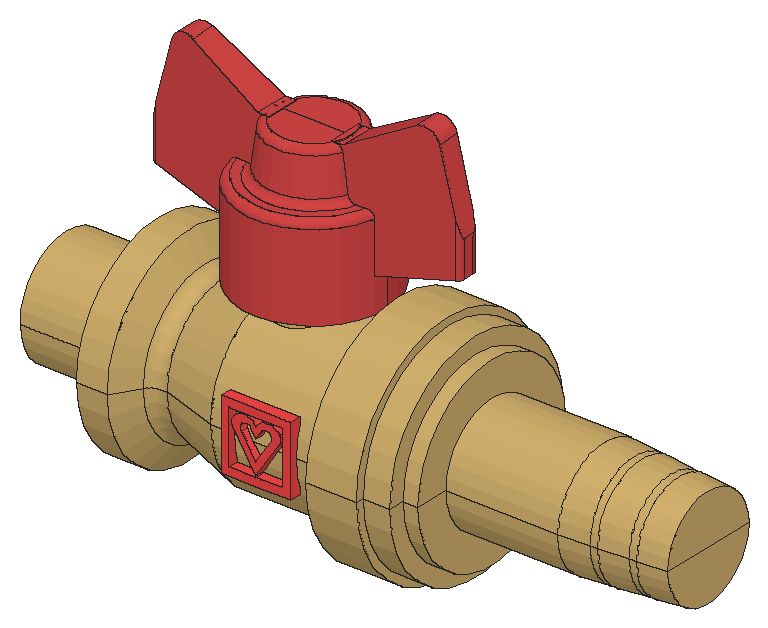
Revit family "Boiler filling and draining valve with hose grommet 2512 01 (02)", category Rohrzubehör, Revit 2019
Family settings
  Bemaßung runder Anschluss = Durchmesser verwenden
  Teiletyp = Normal
  OmniClass-Nummer = 23.65.55.14
  OmniClass-Titel = Valves for Liquid Services
  Arbeitsebenenbasiert = Nein
  Immer vertikal = Ja
  Beim Laden mit Abzugskörper schneiden = Nein
  Gemeinsam genutzt = Nein
Parameters
  min. Operating temperature = -30 °C  # constant formula
  max. Operating temperature = 110 °C  # constant formula
  max. Operating pressure = 1000000.0 Pa  # constant formula
  W1 = 60.00°  # constant formula
  URL = "www.herzvalves.com"
  Spindle = "brass CW614N"  # constant formula
  SCTWSEQ = "ENT;AO;1"
  SCTWCODE = "01;10;01"  # constant formula
  SCRNSEQ = "ARM;ARM_TYP=\"ABSV\";1"
  SCRNCODE = "05;08;01"  # constant formula
  S04 = 6.500 mm  # constant formula
  S03 [instance] = (L06 / 2) + L07 + L08 + L09 + L100  # 36.750 mm
  S02 [instance] = L05 + (L06 / 2)  # 14.250 mm
  S01 [instance] = L00 - (L08 + L09 + L100)  # 53.000 mm
  R99 = 2.000 mm  # constant formula
  R01 [instance] = if(Nennweite = 15.000 mm, 5.500 mm, if(Nennweite = 20.000 mm, 6.000 mm, 1.000 mm))  # 5.500 mm
  Part number [instance] = if(Nennweite = 15.000 mm, 1251201, if(Nennweite = 20.000 mm, 1251202, 0))  # 1251201
  Nennweite [instance] = 15.000 mm
  Medium = "heating water according ÖNORM H5195 or VDI-Standard 2035.\r\nthe use of ethylene, or propylene glycol in a mixing ratio 25-50% is allowed."
  LO1 = 2.500 mm  # constant formula
  L12 = 3.800 mm  # constant formula
  L11 = 8.600 mm  # constant formula
  L100 = 14.600 mm  # constant formula
  L10 = 1.000 mm  # constant formula
  L09 = 13.400 mm  # constant formula
  L08 = 2.000 mm  # constant formula
  L07 = 3.500 mm  # constant formula
  L06 = 6.500 mm  # constant formula
  L05 [instance] = if(Nennweite = 15.000 mm, 11.000 mm, if(Nennweite = 20.000 mm, 14.400 mm, 1.000 mm))  # 11.000 mm
  L04 = 4.000 mm  # constant formula
  L03 [instance] = if(Nennweite = 15.000 mm, 4.000 mm, if(Nennweite = 20.000 mm, 6.000 mm, 1.000 mm))  # 4.000 mm
  L02 [instance] = if(Nennweite = 15.000 mm, 12.000 mm, if(Nennweite = 20.000 mm, 15.000 mm, 1.000 mm))  # 12.000 mm
  L01 [instance] = if(Nennweite = 15.000 mm, 32.000 mm, if(Nennweite = 20.000 mm, 37.600 mm, 1.000 mm))  # 32.000 mm
  L00 [instance] = if(Nennweite = 15.000 mm, 83.000 mm, if(Nennweite = 20.000 mm, 92.000 mm, 1.000 mm))  # 83.000 mm
  Ball = "forged brass CW617N, full bore, surface chrome plated"  # constant formula
  Handle = "aluminium red painted"  # constant formula
  Hersteller = "Herz-Armaturen GmbH"  # constant formula
  H01 [instance] = if(Nennweite = 15.000 mm, 17.000 mm, if(Nennweite = 20.000 mm, 21.000 mm, 1.000 mm))  # 17.000 mm
  H00 [instance] = if(Nennweite = 15.000 mm, 37.000 mm, if(Nennweite = 20.000 mm, 40.000 mm, 1.000 mm))  # 37.000 mm
  Body = "forged brass CW617N"  # constant formula
  G01 [instance] = Nennweite / 2  # 7.500 mm
  Sealings = "ball: PTFE; spindle: PTFE"  # constant formula
  D07 = 6.500 mm  # constant formula
  D06 = 7.500 mm  # constant formula
  D05 = 11.900 mm  # constant formula
  D04 = 14.000 mm  # constant formula
  D03 = 15.000 mm  # constant formula
  D02 [instance] = if(Nennweite = 15.000 mm, 11.700 mm, if(Nennweite = 20.000 mm, 13.900 mm, 1.000 mm))  # 11.700 mm
  D01 [instance] = if(Nennweite = 15.000 mm, 13.400 mm, if(Nennweite = 20.000 mm, 16.500 mm, 1.000 mm))  # 13.400 mm
  Application = "the drain valves are installed as valves to fill and drain systems.\r\nfields of application are building services, such as in heating or chilled water plant in buildings.\r\naromatic chlorinated hydrocarbons such as natural gas or petroleum occurring in, destroy the EPDM seals."
Reference planes
  plane 1 "Mitte (Vorne/hinten)": y = 0
  plane 2: z = 0
  plane 3 "Mitte (Links/rechts)": x = 0
Forms (mm)
  Revolve 1, solid, material "Messing", detail levels fine
    sketch origin (0, 0, 0) x (1, 0, 0) y (0, 1, 0)
      loop
        line (51, 0) -> (51, 6.5) -> (47.2, 6.832) -> (46.2, 6.832) -> (42.4, 7.165) -> (41.4, 7.168) -> (37.6, 7.5) -> (23, 7.5) -> (23, 11.9) -> (21, 11.9) -> (21, 14) -> (17.5, 14) -> (17.5, 15) -> (11, 15) -> (11, 11.7) -> (-4, 11.7) -> (-11.723, 9.187)
        arc (-11.723, 9.187) -> (-13.067, 9.216) -> (-14.089, 10.091) r 2
        line (-14.089, 10.091) -> (-16, 13.4) -> (-20, 13.4) -> (-20, 7.5) -> (-32, 7.5) -> (-32, 0) -> (51, 0)
      axis (51, 0) -> (-32, 0)
    angle from 0 to 360
  Revolve 2, solid, material "Messing", detail levels fine
    sketch origin (0, 0, 0) x (1, 0, 0) y (0, 0, 1)
      loop
        line (0, 0) -> (0, 17) -> (-5.5, 17) -> (-5.5, 0) -> (0, 0)
      axis (0, 17) -> (0, 0)
    angle from 0 to 360
Lines and regions (mm)
  model lines, detail levels coarse+medium
    curve 1: line (-32, 0, 0) -> (21, 0, 0)
    curve 2: line (14.25, 0, 15) -> (14.25, 0, -15)
    curve 3: line (21, 0, 0) -> (51, 0, -6.5)
    curve 4: line (14.25, 15, 0) -> (14.25, -15, 0)
    curve 5: line (21, 0, 0) -> (51, -6.5, 0)
Dimensions and locks
  "L00": Revolve 1 sketch curve to Revolve 1 sketch curve
  "L01": Revolve 1 sketch curve to plane 3 "Mitte (Links/rechts)"
  "L02": Revolve 1 sketch curve to Revolve 1 sketch curve
  "L03": Revolve 1 sketch curve to Revolve 1 sketch curve
  "L04": Revolve 1 sketch curve to plane 3 "Mitte (Links/rechts)"
  "L05": plane 3 "Mitte (Links/rechts)" to Revolve 1 sketch curve
  "L06": Revolve 1 sketch curve to Revolve 1 sketch curve
  "L07": Revolve 1 sketch curve to Revolve 1 sketch curve
  "L08": Revolve 1 sketch curve to Revolve 1 sketch curve
  "L12": Revolve 1 sketch curve to Revolve 1 sketch curve
  "L10": Revolve 1 sketch curve to Revolve 1 sketch curve  (x2)
  "L11": Revolve 1 sketch curve to Revolve 1 sketch curve
  "L09": Revolve 1 sketch curve to Revolve 1 sketch curve
  "L100": Revolve 1 sketch curve to Revolve 1 sketch curve
  "H01": Revolve 2 sketch curve to plane 2
  "R01": plane 3 "Mitte (Links/rechts)" to Revolve 2 sketch curve
  "H00": nested 1 to plane 2
  "S01": curve 1 to curve 1
  "L01": plane 3 "Mitte (Links/rechts)" to curve 1
  "S02": plane 3 "Mitte (Links/rechts)" to curve 2
  "S03": curve 2 to curve 3
  "S04": plane 2 to curve 3
  "S02": plane 3 "Mitte (Links/rechts)" to curve 4
  "S03": curve 4 to curve 5
  "S04": curve 5 to plane 1 "Mitte (Vorne/hinten)"
  "G01": plane 1 "Mitte (Vorne/hinten)" to Revolve 1 sketch curve
  "D01": plane 1 "Mitte (Vorne/hinten)" to Revolve 1 sketch curve
  "D02": Revolve 1 sketch curve to plane 1 "Mitte (Vorne/hinten)"
  "D03": plane 1 "Mitte (Vorne/hinten)" to Revolve 1 sketch curve
  "D04": plane 1 "Mitte (Vorne/hinten)" to Revolve 1 sketch curve
  "D05": plane 1 "Mitte (Vorne/hinten)" to Revolve 1 sketch curve
  "D06": plane 1 "Mitte (Vorne/hinten)" to Revolve 1 sketch curve
  "D07": plane 1 "Mitte (Vorne/hinten)" to Revolve 1 sketch curve
  "D02": nested 2 to plane 1 "Mitte (Vorne/hinten)"
  "LO1": plane 3 "Mitte (Links/rechts)" to nested 2
  "R99": radius of Revolve 1 sketch curve
  angle Revolve 1 sketch curve to Revolve 1 sketch curve = 95.00°  (x3)
  "W1": angle Revolve 1 sketch curve to Revolve 1 sketch curve
  aligned and locked: level to plane 2
Automatic sketch dimensions
  Revolve 2 sketch curve to level = 0.000 mm
  Revolve 2 sketch curve to plane 3 "Mitte (Links/rechts)" = 0.000 mm  (x2)
  Revolve 2 sketch curve to level = 366.045 mm
  Revolve 2 sketch curve to Revolve 2 sketch curve = 2197.315 mm
  curve 1 to level = 0.000 mm
  curve 2 to level = 15.000 mm
  level to curve 2 = 15.000 mm
  plane 1 "Mitte (Vorne/hinten)" to curve 5 = 0.000 mm
  curve 4 to curve 5 = 6.750 mm
  plane 1 "Mitte (Vorne/hinten)" to curve 4 = 15.000 mm
  curve 4 to plane 1 "Mitte (Vorne/hinten)" = 15.000 mm
  Revolve 1 sketch curve to plane 1 "Mitte (Vorne/hinten)" = 0.000 mm
  plane 1 "Mitte (Vorne/hinten)" to Revolve 1 sketch curve = 0.000 mm
  Revolve 1 sketch curve to plane 1 "Mitte (Vorne/hinten)" = 10.091 mm
  Revolve 1 sketch curve to Revolve 1 sketch curve = 1.736 mm
  Revolve 1 sketch curve to plane 1 "Mitte (Vorne/hinten)" = 9.187 mm
  Revolve 1 sketch curve to Revolve 1 sketch curve = 1968.000 mm
  Revolve 1 sketch curve to Revolve 1 sketch curve = 1949.000 mm
Nested families
  nested 1: "Flügelgriff rot" at (0, 0, 13.1), type "Flügelgriff rot", detail levels fine
  nested 2: "Herz-Logo-vorne" at (2.5, -11.7, 0) x (0, 1, 0) z (0, 0, 1), type "Herz-Logo-vorne"
Connectors
  piping at (-32, 0, 0), diameter 15, driven by "Nennweite"
    settings: on Revolve 1, index 1, connector inside diameter 609.6 mm, connector length 0.000 mm, flow factor 0, pipe flow 0.0 L/s, pressure drop 0.0 Pa, fitting loss kfactor 0, connector angle 0.00°, fixture units 0, engagement length 0.000 mm, angle of deflection 0.00°, flow configuration 0, flow direction 0, fitting loss method 0, system type 29, joint type 0, gender type 0, connector reference index -1, connector utility 0, adjustable connector no, is connector primary yes, connector description ""
Definition of nested family "Flügelgriff rot"
  Reference planes
    plane 1 "Mitte (Vorne/hinten)": y = 0
    plane 2: z = 0
    plane 3 "Mitte (Links/rechts)": x = 0
  Forms (mm)
    Revolve 1, solid, detail levels fine
      sketch origin (0, 0, 0) x (1, 0, 0) y (0, 0, 1)
        loop
          line (0, 0) -> (0, 18.5) -> (-4.81, 18.5)
          arc (-4.81, 18.5) -> (-5.477, 18.248) -> (-5.81, 17.616) r 1.009
          line (-5.81, 17.616) -> (-6.39, 12.983)
          arc (-6.39, 12.983) -> (-6.723, 12.352) -> (-7.39, 12.1) r 1.008
          line (-7.39, 12.1) -> (-8.543, 12.1)
          arc (-8.543, 12.1) -> (-9.22, 11.82) -> (-9.5, 11.143) r 0.957
          line (-9.5, 11.143) -> (-9.5, 0) -> (0, 0)
        axis (0, 18.5) -> (0, 0)
      angle from 0 to 360
    Extrusion 2, solid, detail levels fine
      sketch origin (0, 0, 0) x (1, 0, 0) y (0, 1, 0)
        loop
          arc (-20, -0.627) -> (-19.829, -1.058) -> (-19.409, -1.256) r 0.63
          line (-19.409, -1.256) -> (-4, -2.231) -> (-4, 2.225) -> (-19.471, 1.312)
          arc (-19.471, 1.312) -> (-19.847, 1.137) -> (-20, 0.752) r 0.562
          line (-20, 0.752) -> (-20, -0.627)
        loop
          line (20, -0.627) -> (20, 0.752)
          arc (20, 0.752) -> (19.847, 1.137) -> (19.471, 1.312) r 0.562
          line (19.471, 1.312) -> (4.042, 2.223) -> (4.042, -2.228) -> (19.409, -1.256)
          arc (19.409, -1.256) -> (19.829, -1.058) -> (20, -0.627) r 0.63
      from 4.6 to 23.9
    Extrusion 3, void
      sketch origin (0, 0, 0) x (1, 0, 0) y (0, 0, 1)
        loop
          line (-9.5, 4.6) -> (-20, 7.413) -> (-20, 4.6) -> (-9.5, 4.6)
        loop
          line (9.5, 4.6) -> (20, 4.6) -> (20, 7.413) -> (9.5, 4.6)
      from 5 to -5
    Extrusion 4, void
      sketch origin (0, 0, 0) x (1, 0, 0) y (0, 0, 1)
        loop
          line (-5.5, 18.5) -> (5.5, 18.5) -> (14.401, 23.633)
          arc (14.401, 23.633) -> (16.174, 23.744) -> (17.336, 22.401) r 2
          line (17.336, 22.401) -> (20, 12.113) -> (20, 25.076) -> (-20, 25.076) -> (-20, 12.113) -> (-17.336, 22.401)
          arc (-17.336, 22.401) -> (-16.174, 23.744) -> (-14.401, 23.633) r 2
          line (-14.401, 23.633) -> (-5.5, 18.5)
      from 5 to -5
  Cuts and joins
    Extrusion 3, Extrusion 4 cuts Extrusion 2
    Extrusion 4 cuts Revolve 1
  Dimensions and locks
    aligned and locked: level to plane 2
Definition of nested family "Herz-Logo-vorne"
  Reference planes
    plane 1 "Mitte (Vorne/hinten)": y = 0
    plane 2: z = 0
    plane 3 "Mitte (Links/rechts)": x = 0
  Forms (mm)
    Extrusion 1, solid
      sketch origin (0.732, -0.018, 0.017) x (0, -1, 0) y (0, 0, 1)
        loop
          line (-0.018, -4.517) -> (4.482, -4.517) -> (4.482, 4.483) -> (-4.518, 4.483) -> (-4.518, -4.517) -> (-0.018, -4.517)
        loop
          line (-0.05, -3.48) -> (3.482, -3.48) -> (3.482, 3.483) -> (-3.518, 3.483) -> (-3.518, -3.48) -> (-0.05, -3.48)
        loop
          arc (-0.018, 2.383) -> (-1.543, 3.287) -> (-3.067, 2.383) r 1.738
          arc (-3.067, 2.383) -> (-3.191, 1.899) -> (-3.067, 1.415) r 1.009
          line (-3.067, 1.415) -> (-0.018, -3.281) -> (3.032, 1.415)
          arc (3.032, 1.415) -> (3.156, 1.899) -> (3.032, 2.383) r 1.009
          arc (3.032, 2.383) -> (1.507, 3.287) -> (-0.018, 2.383) r 1.738
        loop
          arc (1.885, 1.272) -> (2.005, 1.675) -> (1.885, 2.079) r 0.74
          arc (1.885, 2.079) -> (1.265, 2.416) -> (0.644, 2.079) r 0.74
          line (0.644, 2.079) -> (-0.018, 0.97) -> (-0.679, 2.079)
          arc (-0.679, 2.079) -> (-1.3, 2.416) -> (-1.921, 2.079) r 0.74
          arc (-1.921, 2.079) -> (-2.04, 1.675) -> (-1.921, 1.272) r 0.74
          line (-1.921, 1.272) -> (-0.018, -1.658) -> (1.885, 1.272)
      from 0 to 1.5
  Dimensions and locks
    aligned and locked: level to plane 2
